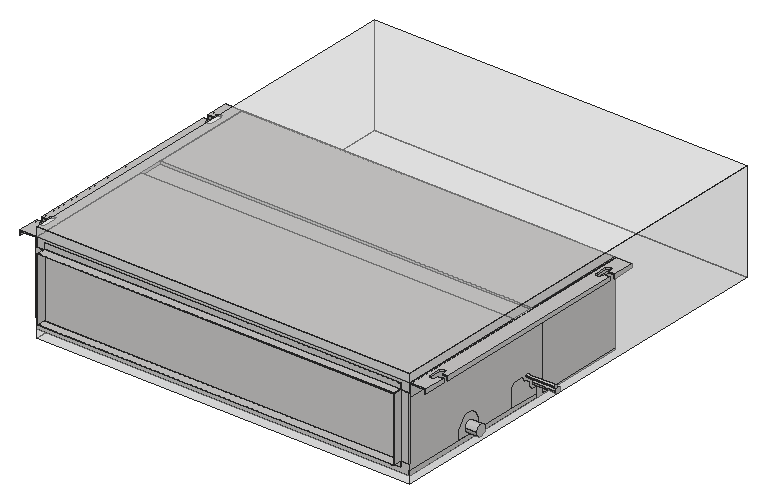
Revit family "outputfile", category 機械設備, Revit 2024
Family settings
  丸型コネクタ寸法 = 半径を使用
  パーツ タイプ = 標準
  OmniClass 番号 = 23.75.10.24.21.27.27
  OmniClass タイトル = Split System Air Conditioning Units
  作業面ベース = いいえ
  常に垂直 = はい
  ロード時にボイドで切り取り = いいえ
  注釈の向きを維持 = いいえ
  共有 = いいえ
  部屋計算ポイント = はい
Parameters (values of type "FDLF13DV2S")
  Description = ""
  書き出し IFC クラス(タイプ) = "IfcUnitaryEquipmentType"
  定義済み IFC タイプ(タイプ) = "AIRCONDITIONINGUNIT"
  Cost = 0
  Type Comments = ""
  Keynote = ""
  Type Image = (empty or 0)
  Assembly Code = ""
  switch_frequency = yes
  ld_powersupply = Depth / 2  # 310 mm
  connector_voltage = Voltage_50Hz  # 220 V
  connector_powerinput = [Power Input (Cooling)]  # 0.000 kW
  connector_phase = Phase_50Hz  # 1
  angle_liquidpipe [instance] = if(Right Connection_refrigerant, 90.00°, 270.00°)  # 90.00°
  angle_gaspipe [instance] = if(Right Connection_refrigerant, 90.00°, 270.00°)  # 90.00°
  angle_drainpipe [instance] = if(Right Connection_refrigerant, 90.00°, 270.00°)  # 90.00°
  URL = ""
  Right Connection_refrigerant [instance] = yes
  製造元 = "Daikin"
  モデル = "FDLF13DV2S"
  r_Liquid Pipe Size = Liquid Pipe Size / 2  # 3.2 mm
  r_Gas Pipe Size = Gas Pipe Size / 2  # 6.35 mm
  r_Drain Pipe Size = Drain Pipe Size / 2  # 12.5 mm
  lw_powersupply = 50 mm  # constant formula
  lw_ductflange2 = 803 mm
  lw_Width = 860 mm
  lh_suctionflange [instance] = 100 mm  # constant formula
  ld_suctionflange [instance] = if(Rear Connection_Return Air, 190.25 mm, 100.25 mm)  # 190.25 mm
  angle_vertical_RA [instance] = if(Rear Connection_Return Air, 90.00°, 0.00°)  # 90.00°
  angle horizontal_RA [instance] = if(Rear Connection_Return Air, 180.00°, 270.00°)  # 180.00°
  Voltage_comment_50Hz = "220 - 240"
  Voltage_50Hz = 220 V
  Supply Air Direction [instance] = yes
  Sound Power Level_H speed (dB) = 0
  Rear Connection_Return Air [instance] = not(Bottom Connection_Return Air)  # yes
  RA_length [instance] = if(Rear Connection_Return Air, 190.25 mm, 100 mm)  # 190.25 mm
  Phase_50Hz = 1
  Minimum External Static Pressure = 15.00 Pa
  Minimum Circuit Amps_50Hz = 0.0 A
  Maximum Fuse Amps_50Hz = 0.0 A
  Maximum External Static Pressure = 38.00 Pa
  Material_Casing = DAIKIN_GalvanizedSteel_Casing_indoorunit
  lw_liquidpipe = 521 mm
  lw_gaspipe = 508 mm
  lw_mountinghole = 940 mm
  lw_drainpipe = 480 mm
  lh_powersupply = 150 mm  # constant formula
  lh_liquidpipe = 138 mm  # constant formula
  lh_gaspipe = 160 mm  # constant formula
  lh_mountinghole = Height  # 200 mm
  lh_drainpipe = 170 mm  # constant formula
  lh_antena = 1 mm  # constant formula
  ld_liquidpipe = 353 mm  # constant formula
  ld_gaspipe = 375 mm  # constant formula
  ld_mountinghole = 500 mm  # constant formula
  ld_drainpipe = 178 mm  # constant formula
  ld_controlbox = 626 mm  # constant formula
  h*** = 0 mm  # constant formula
  d_dischargeflange = 21.2 mm  # constant formula
  Width = 900 mm
  Version = "ver.1.0"
  Unit Type = "L.S.P. Duct for Living Room"
  Unit Mass Weight = 28.00 kg
  Unit Designation [instance] = ""
  Uniclass2015Version = "Products v1.30"
  Uniclass2015Title = "Split coil room air conditioning units"
  Uniclass2015Code = "Pr_70_65_03_86"
  Total Cooling Capacity [instance] = 0.000 kW
  Sound Pressure Level_M speed (dBA) = 33
  Sound Pressure Level_L speed (dBA) = 30
  Sound Pressure Level_H speed (dBA) = 37
  Series = "SkyAir_Fan Coil Unit"
  Sensible Cooling Capacity [instance] = 0.000 kW
  SA Duct Size Width = 860 mm
  SA Duct Size Height = 153 mm
  Refrigerant Type = "R32"
  RA Duct Size Width = 761 mm
  RA Duct Size Height = 160 mm
  Power Input (Cooling) = 0.000 kW
  Option Accessory 3 [instance] = ""
  Option Accessory 2 [instance] = ""
  Option Accessory 1 [instance] = ""
  Nominal Cooling Capacity = 3.800 kW
  Minimum Airflow = 720.00 m³/h
  Median Airflow = 840.00 m³/h
  Maximum Airflow = 960.00 m³/h
  Load Classification = HVAC
  Liquid Pipe Size = 6.4 mm
  Link_Nested Family [instance] = ""
  Left Connection_refrigerant [instance] = not(Right Connection_refrigerant)  # no
  IfcVersion = ""
  IfcExportType = "AIRCONDITIONINGUNIT"
  IfcExportAs = "IfcUnitaryEquipmentType"
  Height = 200 mm
  Heat Exchanger Type = "Cross Fin Coil"
  Gas Pipe Size = 12.7 mm
  Frequency_50Hz = 50 Hz
  Fan Type = "Sirocco Fan"
  Fan Drive = "Direct Drive"
  FCU Tag No. [instance] = ""
  Drain Pipe Size = 25.0 mm
  Design Supply Airflow [instance] = 0.00 m³/h
  Design Return Airflow [instance] = 0.00 m³/h
  Design External Static Pressure [instance] = 0.00 Pa
  Depth = 620 mm
  既定の高さ = 0 mm
  Cooling Entering Wet Bulb Temperature [instance] = 0.00 °C
  Cooling Entering Dry Bulb Temperature [instance] = 0.00 °C
  Cooling Ambient Wet Bulb Temperature [instance] = 0.00 °C
  Cooling Ambient Dry Bulb Temperature [instance] = 0.00 °C
  Clearance visibility [instance] = yes
  Clearance Top = 20 mm
  Clearance Right = 0 mm
  Clearance Rear = 400 mm
  Clearance Left = 0 mm
  Clearance Front = 0 mm
  Clearance Bottom = 20 mm
  Bottom Connection_Return Air [instance] = no
Reference planes
  plane 1 "Center (Front/Back)": y = 0
  plane 2: z = 0
  plane 3 "Center (Left/Right)": x = 0
  plane 4 "Back": y = 310
  plane 5 "Front": y = -310
  plane 6 "Left": x = -450
  plane 7 "Right": x = 450
  plane 8 "Top": z = 0
  plane 9 "Bottom": z = -200
  plane 10: x = -470
  plane 11: x = 470
  plane 12: y = 250
  plane 13: z = 0
  plane 14 "Clearance Left": x = -450
  plane 15 "Clearance Right": x = 450
  plane 16 "Clearance Rear": y = 710
  plane 17 "Clearance Front": y = -310
  plane 18 "Clearance Top": z = 20
  plane 19 "Clearance Bottom": z = -220
  plane 20: y = -250
  plane 21: z = -21
  plane 22: z = -97.5
  plane 23: x = -48.5
  plane 24: y = 119.75
  plane 25: z = -100
  plane 26: y = 65
  plane 27: z = -160
  plane 28: y = 43
  plane 29: z = -138
  plane 30: y = -132
  plane 31: z = -170
  plane 32: x = 508
  plane 33: x = 521
  plane 34: x = 480
  plane 35: x = 400
  plane 36: z = -150
  plane 37: x = -480
  plane 38: x = -521
  plane 39: x = -508
Forms (mm)
  Extrusion 1, solid, material "DAIKIN_GalvanizedSteel_Casing_indoorunit" <- "Material_Casing"
    sketch origin (0, 0, 0) x (1, 0, 0) y (0, 1, 0)
      loop
        line (-450, -310) -> (450, -310) -> (450, 310) -> (-450, 310) -> (-450, -310)
    from -200 to 0
  Extrusion 2, void
    sketch origin (0, 0, 1) x (1, 0, 0) y (0, 1, 0)
      loop
        line (-450, 61.5) -> (-450, 3.5) -> (450, 3.5) -> (450, 61.5) -> (-450, 61.5)
    from -1 to -7
  Extrusion 3, solid, material "DAIKIN_GalvanizedSteel_Casing_indoorunit" <- "Material_Casing", visible <- "Bottom Connection_Return Air"
    sketch origin (0, 0, 0) x (1, 0, 0) y (0, 0, 1)
      loop
        line (352, -199.25) -> (352, -0.75) -> (-449, -0.75) -> (-449, -199.25) -> (352, -199.25)
    from -310 to -309
  Extrusion 4, solid, material "DAIKIN_GalvanizedSteel_Casing_indoorunit" <- "Material_Casing", visible <- "Rear Connection_Return Air"
    sketch origin (0, 0, 0) x (1, 0, 0) y (0, 1, 0)
      loop
        line (-449, 309) -> (-449, 110.5) -> (352, 110.5) -> (352, 309) -> (-449, 309)
    from -200 to -199
  Extrusion 5, solid, material "DAIKIN_GalvanizedSteel_Casing_indoorunit" <- "Material_Casing", visible <- "Right Connection_refrigerant"
    sketch origin (450, 0, 0) x (0, 1, 0) y (0, 0, 1)
      loop
        circle (65, -160) r 6.35
    from 0 to 58
  Extrusion 6, solid, material "DAIKIN_GalvanizedSteel_Casing_indoorunit" <- "Material_Casing", visible <- "Right Connection_refrigerant"
    sketch origin (450, 0, 0) x (0, 1, 0) y (0, 0, 1)
      loop
        circle (43, -138) r 3.2
    from 0 to 71
  Extrusion 7, solid, material "DAIKIN_GalvanizedSteel_Casing_indoorunit" <- "Material_Casing", visible <- "Right Connection_refrigerant"
    sketch origin (450, 0, 0) x (0, 1, 0) y (0, 0, 1)
      loop
        line (-310, -200) -> (70, -200) -> (70, -190) -> (-310, -190) -> (-310, -200)
    from 0 to -1
  Extrusion 8, solid, material "DAIKIN_GalvanizedSteel_Casing_indoorunit" <- "Material_Casing", visible <- "Right Connection_refrigerant"
    sketch origin (450, 0, 0) x (0, 1, 0) y (0, 0, 1)
      loop
        arc (96, -27.5) -> (93.879, -28.379) -> (93, -30.5) r 3
        line (93, -30.5) -> (93, -194.5)
        arc (93, -194.5) -> (93.879, -196.621) -> (96, -197.5) r 3
        line (96, -197.5) -> (310, -197.5) -> (310, -27.5) -> (96, -27.5)
    from 0 to -1
  Extrusion 9, solid, material "DAIKIN_GalvanizedSteel_Casing_indoorunit" <- "Material_Casing", visible <- "Right Connection_refrigerant"
    sketch origin (450, 0, 0) x (0, 1, 0) y (0, 0, 1)
      loop
        arc (-104, -170) -> (-132, -142) -> (-160, -170) r 28
        line (-160, -170) -> (-160, -190) -> (-104, -190) -> (-104, -170)
    from 0 to -1
  Extrusion 10, solid, material "DAIKIN_GalvanizedSteel_Casing_indoorunit" <- "Material_Casing", visible <- "Right Connection_refrigerant"
    sketch origin (450, 0, 0) x (0, 1, 0) y (0, 0, 1)
      loop
        line (70, -190) -> (70, -174.671)
        arc (70, -174.671) -> (54.678, -171.563) -> (49.857, -156.691) r 15.5
        line (49.857, -156.691) -> (43.472, -150.991)
        arc (43.472, -150.991) -> (34.343, -147.698) -> (30.039, -139) r 13
        line (30.039, -139) -> (2, -139)
        arc (2, -139) -> (-0.121, -139.879) -> (-1, -142) r 3
        line (-1, -142) -> (-1, -190) -> (70, -190)
    from 0 to -1
  Extrusion 11, solid, material "DAIKIN_GalvanizedSteel_Casing_indoorunit" <- "Material_Casing", visible <- "Left Connection_refrigerant"
    sketch origin (-450, 0, 0) x (0, 1, 0) y (0, 0, 1)
      loop
        line (-310, -200) -> (70, -200) -> (70, -190) -> (-310, -190) -> (-310, -200)
    from 0 to -1
  Extrusion 12, solid, material "DAIKIN_GalvanizedSteel_Casing_indoorunit" <- "Material_Casing", visible <- "Left Connection_refrigerant"
    sketch origin (-450, 0, 0) x (0, 1, 0) y (0, 0, 1)
      loop
        arc (96, -27.5) -> (93.879, -28.379) -> (93, -30.5) r 3
        line (93, -30.5) -> (93, -194.5)
        arc (93, -194.5) -> (93.879, -196.621) -> (96, -197.5) r 3
        line (96, -197.5) -> (310, -197.5) -> (310, -27.5) -> (96, -27.5)
    from 0 to -1
  Extrusion 13, solid, material "DAIKIN_GalvanizedSteel_Casing_indoorunit" <- "Material_Casing", visible <- "Left Connection_refrigerant"
    sketch origin (-450, 0, 0) x (0, 1, 0) y (0, 0, 1)
      loop
        arc (-104, -170) -> (-132, -142) -> (-160, -170) r 28
        line (-160, -170) -> (-160, -190) -> (-104, -190) -> (-104, -170)
    from 0 to -1
  Extrusion 14, solid, material "DAIKIN_GalvanizedSteel_Casing_indoorunit" <- "Material_Casing", visible <- "Left Connection_refrigerant"
    sketch origin (-450, 0, 0) x (0, 1, 0) y (0, 0, 1)
      loop
        line (70, -190) -> (70, -174.671)
        arc (70, -174.671) -> (54.678, -171.563) -> (49.857, -156.691) r 15.5
        line (49.857, -156.691) -> (43.472, -150.991)
        arc (43.472, -150.991) -> (34.343, -147.698) -> (30.039, -139) r 13
        line (30.039, -139) -> (2, -139)
        arc (2, -139) -> (-0.121, -139.879) -> (-1, -142) r 3
        line (-1, -142) -> (-1, -190) -> (70, -190)
    from 0 to -1
  Extrusion 15, solid, material "DAIKIN_GalvanizedSteel_Casing_indoorunit" <- "Material_Casing", visible <- "Left Connection_refrigerant"
    sketch origin (-450, 0, 0) x (0, 1, 0) y (0, 0, 1)
      loop
        circle (43, -138) r 3.2
    from -71 to 0
  Extrusion 16, solid, material "DAIKIN_GalvanizedSteel_Casing_indoorunit" <- "Material_Casing", visible <- "Left Connection_refrigerant"
    sketch origin (-450, 0, 0) x (0, 1, 0) y (0, 0, 1)
      loop
        circle (65, -160) r 6.35
    from -58 to 0
  Extrusion 17, solid, material "DAIKIN_GalvanizedSteel_Casing_indoorunit" <- "Material_Casing", visible <- "Left Connection_refrigerant"
    sketch origin (-450, 0, 0) x (0, 1, 0) y (0, 0, 1)
      loop
        circle (-132, -170) r 12.5
    from -30 to 0
  Extrusion 18, solid, material "DAIKIN_GalvanizedSteel_Casing_indoorunit" <- "Material_Casing", visible <- "Right Connection_refrigerant"
    sketch origin (450, 0, 0) x (0, 1, 0) y (0, 0, 1)
      loop
        circle (-132, -170) r 12.5
    from 0 to 30
Cuts and joins
  Extrusion 2 cuts Extrusion 1
Dimensions and locks
  "Height": plane 8 "Top" to plane 9 "Bottom"
  equal spacing: plane 10, plane 3 "Center (Left/Right)", plane 11
  "lw_mountinghole": plane 10 to plane 11
  equal spacing: plane 6 "Left", plane 3 "Center (Left/Right)", plane 7 "Right"
  "Width": plane 6 "Left" to plane 7 "Right"
  "Clearance Right": plane 7 "Right" to plane 15 "Clearance Right"
  "Clearance Left": plane 14 "Clearance Left" to plane 6 "Left"
  "Clearance Rear": plane 16 "Clearance Rear" to plane 4 "Back"
  "Clearance Front": plane 5 "Front" to plane 17 "Clearance Front"
  "Clearance Top": plane 18 "Clearance Top" to plane 8 "Top"
  "Clearance Bottom": plane 9 "Bottom" to plane 19 "Clearance Bottom"
  "Depth": plane 4 "Back" to plane 5 "Front"
  equal spacing: plane 4 "Back", plane 1 "Center (Front/Back)", plane 5 "Front"
  Extrusion 3 sketch curve to Extrusion 3 sketch curve = 198.5 mm
  locked: plane 20 to plane 5 "Front" at 60
  "ld_mountinghole": plane 12 to plane 20
  locked: plane 8 "Top" to plane 21 at 21
  locked: plane 23 to plane 3 "Center (Left/Right)" at 48.5
  "ld_suctionflange": plane 4 "Back" to plane 24
  "lh_suctionflange": plane 8 "Top" to plane 25
  "ld_gaspipe": plane 26 to plane 5 "Front"
  "lh_gaspipe": plane 8 "Top" to plane 27
  "ld_liquidpipe": plane 28 to plane 5 "Front"
  "lh_liquidpipe": plane 8 "Top" to plane 29
  "ld_drainpipe": plane 30 to plane 5 "Front"
  "lh_drainpipe": plane 8 "Top" to plane 31
  "lw_powersupply": plane 35 to plane 7 "Right"
  "lh_powersupply": plane 8 "Top" to plane 36
  "lw_gaspipe": plane 3 "Center (Left/Right)" to plane 32
  "lw_liquidpipe": plane 3 "Center (Left/Right)" to plane 33
  "lw_drainpipe": plane 3 "Center (Left/Right)" to plane 34
  "lw_liquidpipe": plane 38 to plane 3 "Center (Left/Right)"
  "lw_gaspipe": plane 39 to plane 3 "Center (Left/Right)"
  "lw_drainpipe": plane 37 to plane 3 "Center (Left/Right)"
  "r_Gas Pipe Size": radius of Extrusion 5 sketch curve
  "r_Liquid Pipe Size": radius of Extrusion 6 sketch curve
  "r_Liquid Pipe Size": radius of Extrusion 15 sketch curve
  "r_Gas Pipe Size": radius of Extrusion 16 sketch curve
  "r_Drain Pipe Size": radius of Extrusion 17 sketch curve
  "r_Drain Pipe Size": radius of Extrusion 18 sketch curve
  aligned and locked: level to plane 2
  aligned and locked: Extrusion 1 to plane 9 "Bottom"
  aligned and locked: plane 8 "Top" to Extrusion 1
  aligned and locked: plane 11 to nested 2
  aligned and locked: plane 10 to nested 3
  aligned and locked: plane 10 to nested 4
  aligned and locked: plane 8 "Top" to Extrusion 2
  aligned and locked: plane 9 "Bottom" to Extrusion 4  (x2)
  aligned and locked: plane 7 "Right" to cut or joined group of Extrusion 1, Extrusion 2  (x2)
  aligned and locked: plane 3 "Center (Left/Right)" to nested 9
  aligned and locked: plane 6 "Left" to nested 7
  aligned and locked: plane 8 "Top" to nested 9
  aligned and locked: plane 11 to nested 1
  aligned and locked: nested 6 to plane 1 "Center (Front/Back)"
  aligned and locked: plane 3 "Center (Left/Right)" to nested 6
  aligned and locked: level to plane 8 "Top"
  aligned and locked: plane 1 "Center (Front/Back)" to nested 9
  aligned and locked: plane 5 "Front" to nested 10
  aligned and locked: Extrusion 1 sketch curve to plane 5 "Front"
  aligned and locked: plane 21 to nested 10
  aligned and locked: nested 5 to plane 5 "Front"
  aligned and locked: plane 3 "Center (Left/Right)" to nested 5
  aligned and locked: plane 22 to nested 5
  aligned and locked: Extrusion 2 sketch curve to plane 6 "Left"
  aligned and locked: plane 7 "Right" to Extrusion 2 sketch curve
  aligned and locked: nested 11 to plane 23
  aligned and locked: nested 11 to plane 24
  aligned and locked: plane 27 to Extrusion 5 sketch curve
  aligned and locked: plane 26 to Extrusion 5 sketch curve
  aligned and locked: plane 28 to Extrusion 6 sketch curve
  aligned and locked: plane 29 to Extrusion 6 sketch curve
  aligned and locked: plane 32 to Extrusion 5
  aligned and locked: plane 33 to Extrusion 6
  aligned and locked: Extrusion 7 sketch curve to plane 9 "Bottom"
  aligned and locked: Extrusion 7 sketch curve to plane 5 "Front"
  aligned and locked: plane 14 "Clearance Left" to nested 12
  aligned and locked: plane 15 "Clearance Right" to nested 12
  aligned and locked: plane 16 "Clearance Rear" to nested 12
  aligned and locked: nested 12 to plane 17 "Clearance Front"
  aligned and locked: nested 12 to plane 18 "Clearance Top"
  aligned and locked: nested 12 to plane 19 "Clearance Bottom"
  aligned and locked: nested 13 to plane 35
  aligned and locked: nested 13 to plane 36
  aligned and locked: plane 4 "Back" to nested 13
  aligned and locked: nested 14 to plane 26
  aligned and locked: plane 3 "Center (Left/Right)" to nested 14
  aligned and locked: nested 14 to plane 27
  aligned and locked: nested 15 to plane 28
  aligned and locked: plane 3 "Center (Left/Right)" to nested 15
  aligned and locked: nested 15 to plane 29
  aligned and locked: nested 16 to plane 30
  aligned and locked: plane 3 "Center (Left/Right)" to nested 16
  aligned and locked: nested 16 to plane 31
  aligned and locked: plane 29 to Extrusion 15 sketch curve
  aligned and locked: plane 28 to Extrusion 15 sketch curve
  aligned and locked: Extrusion 15 to plane 38
  aligned and locked: plane 6 "Left" to Extrusion 15
  aligned and locked: plane 26 to Extrusion 16 sketch curve
  aligned and locked: plane 27 to Extrusion 16 sketch curve
  aligned and locked: Extrusion 16 to plane 39
  aligned and locked: plane 6 "Left" to Extrusion 16
  aligned and locked: plane 30 to Extrusion 17 sketch curve
  aligned and locked: Extrusion 17 to plane 37
  aligned and locked: plane 6 "Left" to Extrusion 17
  aligned and locked: Extrusion 5 to plane 7 "Right"
  aligned and locked: Extrusion 6 to plane 7 "Right"
  aligned and locked: plane 30 to Extrusion 18 sketch curve
  aligned and locked: plane 31 to Extrusion 18 sketch curve
  aligned and locked: plane 34 to Extrusion 18
  aligned and locked: Extrusion 18 to plane 7 "Right"
Automatic sketch dimensions
  Extrusion 1 sketch curve to plane 4 "Back" = 0 mm
  Extrusion 1 sketch curve to plane 6 "Left" = 0 mm
  Extrusion 1 sketch curve to plane 7 "Right" = 0 mm
  Extrusion 2 sketch curve to plane 1 "Center (Front/Back)" = 3.5 mm
  Extrusion 2 sketch curve to plane 26 = 3.5 mm
  plane 9 "Bottom" to Extrusion 3 sketch curve = 0.75 mm
  plane 6 "Left" to Extrusion 3 sketch curve = 1 mm
  Extrusion 3 sketch curve to plane 35 = 48 mm
  Extrusion 4 sketch curve to plane 4 "Back" = 1 mm
  plane 6 "Left" to Extrusion 4 sketch curve = 1 mm
  Extrusion 4 sketch curve to plane 35 = 48 mm
  Extrusion 4 sketch curve to plane 24 = 9.25 mm
  plane 26 to Extrusion 7 sketch curve = 5 mm
  Extrusion 7 sketch curve to Extrusion 7 sketch curve = 10 mm
  Extrusion 8 sketch curve to plane 21 = 9.5 mm
  Extrusion 8 sketch curve to plane 24 = 23.75 mm  (x2)
  plane 9 "Bottom" to Extrusion 8 sketch curve = 5.5 mm
  Extrusion 8 sketch curve to Extrusion 8 sketch curve = 3 mm
  Extrusion 9 sketch curve to plane 31 = 0 mm
  Extrusion 9 sketch curve to plane 30 = 0 mm
  plane 9 "Bottom" to Extrusion 9 sketch curve = 10 mm
  Extrusion 9 sketch curve to plane 30 = 28 mm
  Extrusion 10 sketch curve to plane 28 = 0 mm
  Extrusion 10 sketch curve to plane 26 = 0 mm
  Extrusion 10 sketch curve to plane 27 = 0 mm
  Extrusion 10 sketch curve to plane 29 = 0 mm
  Extrusion 10 sketch curve to plane 29 = 1 mm
  Extrusion 10 sketch curve to plane 28 = 12.961 mm
  Extrusion 10 sketch curve to plane 1 "Center (Front/Back)" = 2 mm
  plane 1 "Center (Front/Back)" to Extrusion 10 sketch curve = 1 mm
  plane 28 to Extrusion 10 sketch curve = 0.472 mm
  plane 27 to Extrusion 10 sketch curve = 3.309 mm
  plane 28 to Extrusion 10 sketch curve = 6.857 mm
  plane 26 to Extrusion 10 sketch curve = 5 mm
  plane 9 "Bottom" to Extrusion 10 sketch curve = 10 mm
  Extrusion 8 sketch curve to plane 4 "Back" = 0 mm
  Extrusion 17 sketch curve to plane 31 = 0 mm
  Extrusion 12 sketch curve to plane 4 "Back" = 0 mm
  plane 9 "Bottom" to Extrusion 12 sketch curve = 5.5 mm
  Extrusion 12 sketch curve to plane 24 = 23.75 mm  (x2)
  Extrusion 12 sketch curve to plane 21 = 6.5 mm
  Extrusion 12 sketch curve to Extrusion 12 sketch curve = 3 mm
  Extrusion 14 sketch curve to plane 28 = 0 mm
  Extrusion 14 sketch curve to plane 26 = 0 mm
  Extrusion 14 sketch curve to plane 27 = 0 mm
  Extrusion 14 sketch curve to plane 29 = 0 mm
  Extrusion 14 sketch curve to plane 29 = 1 mm
  Extrusion 14 sketch curve to plane 28 = 12.961 mm
  Extrusion 14 sketch curve to plane 1 "Center (Front/Back)" = 2 mm
  plane 1 "Center (Front/Back)" to Extrusion 14 sketch curve = 1 mm
  plane 28 to Extrusion 14 sketch curve = 0.472 mm
  plane 27 to Extrusion 14 sketch curve = 3.309 mm
  plane 28 to Extrusion 14 sketch curve = 6.857 mm
  plane 26 to Extrusion 14 sketch curve = 5 mm
  plane 9 "Bottom" to Extrusion 14 sketch curve = 10 mm
  Extrusion 11 sketch curve to plane 5 "Front" = 0 mm
  Extrusion 11 sketch curve to plane 9 "Bottom" = 0 mm
  plane 26 to Extrusion 11 sketch curve = 5 mm
  Extrusion 11 sketch curve to Extrusion 11 sketch curve = 10 mm
  Extrusion 13 sketch curve to plane 31 = 0 mm
  Extrusion 13 sketch curve to plane 30 = 0 mm
  plane 9 "Bottom" to Extrusion 13 sketch curve = 10 mm
  Extrusion 13 sketch curve to plane 30 = 28 mm
Nested families
  nested 1: "daikin_mountinghole" at (470, 250, -200), l_antenna <- "lh_antena", Link_Nested Family <- "Link_Nested Family", h_mountinghole <- "lh_mountinghole", type "daikin_mountinghole"
    with show yes, l_antenna 1 mm, h_mountinghole 200 mm, Link_Nested Family ""
  nested 2: "daikin_mountinghole" at (470, -250, -200), Link_Nested Family <- "Link_Nested Family", l_antenna <- "lh_antena", h_mountinghole <- "lh_mountinghole", type "daikin_mountinghole"
    with show yes, l_antenna 1 mm, h_mountinghole 200 mm, Link_Nested Family ""
  nested 3: "daikin_mountinghole" at (-470, -250, -200), l_antenna <- "lh_antena", Link_Nested Family <- "Link_Nested Family", h_mountinghole <- "lh_mountinghole", type "daikin_mountinghole"
    with show yes, l_antenna 1 mm, h_mountinghole 200 mm, Link_Nested Family ""
  nested 4: "daikin_mountinghole" at (-470, 250, -200), l_antenna <- "lh_antena", Link_Nested Family <- "Link_Nested Family", h_mountinghole <- "lh_mountinghole", type "daikin_mountinghole"
    with show yes, l_antenna 1 mm, h_mountinghole 200 mm, Link_Nested Family ""
  nested 5: "daikin_connector_rotate2" at (0, -310, -97.5), length <- "d_dischargeflange", type "daikin_connector_rotate2"
    with radius 10 mm, length 21.2 mm, angle_vertical 90.00°, show_face no
  nested 6: "daikin_△_symbolicline" at (-75, -129.904, 200) x (-0.5, 0.866, 0) z (0, 0, 1), built-in parameter 1001364 <- "Height", visible <- "Supply Air Direction", type "daikin_△_symbolicline"
    with length 300 mm
  nested 7: "daikin_ductflange_FDLF-DV2S_1" at (-48.5, 310, -100), visible <- "Rear Connection_Return Air", material <- "Material_Casing", width <- "lw_ductflange2", type "daikin_ductflange_FDLF-DV2S_1"
    with width 803 mm, material DAIKIN_GalvanizedSteel_Casing_indoorunit, height 180 mm, depth 21.2 mm
  nested 8: "daikin_ductflange_FDLF-DV2S_1" at (-48.5, 209.75, -200) x (1, 0, 0) z (0, 1, 0), visible <- "Bottom Connection_Return Air", material <- "Material_Casing", width <- "lw_ductflange2", type "daikin_ductflange_FDLF-DV2S_1"
    with width 803 mm, material DAIKIN_GalvanizedSteel_Casing_indoorunit, height 180 mm, depth 21.2 mm
  nested 9: "daikin_hangerfixture_FDLF-DV2S" at (0, 0, 0), type "daikin_hangerfixture_FDLF-DV2S"
  nested 10: "daikin_ductflange_FDLF-DV2S" at (0, 3.5, -364.201), width <- "lw_Width", material <- "Material_Casing", type "daikin_ductflange_FDLF-DV2S"
    with width 860 mm, material DAIKIN_GalvanizedSteel_Casing_indoorunit, height 155 mm, depth 21.2 mm
  nested 11: "daikin_connector_rotate3" at (-48.5, 119.75, -100), length <- "RA_length", angle_vertical <- "angle_vertical_RA", angle_horizontal <- "angle horizontal_RA", type "daikin_connector_rotate3"
    with show no, radius 10 mm, length 190.25 mm, angle_vertical 90.00°, angle_horizontal 180.00°
  nested 12: "daikin_clearancespace" at (0, 200, -99.881), visible <- "Clearance visibility", Link_Nested Family <- "Link_Nested Family", show <- "Clearance visibility", type "daikin_clearancespace"
    with width 900 mm, show yes, height 240 mm, depth 1020 mm, Link_Nested Family ""
  nested 13: "daikin_connector_rotate2" at (400, 0, -150) x (-1, 0, 0) z (0, 0, 1), length <- "ld_powersupply", type "daikin_connector_rotate2"
    with radius 10 mm, length 310 mm, angle_vertical 90.00°, show_face no
  nested 14: "daikin_connector_rotate3" at (0, 65, -160), angle_vertical <- "angle_gaspipe", radius <- "r_Gas Pipe Size", length <- "lw_gaspipe", type "daikin_connector_rotate3"
    with show no, radius 6.35 mm, length 508 mm, angle_vertical 90.00°, angle_horizontal 90.00°
  nested 15: "daikin_connector_rotate3" at (0, 43, -138), angle_vertical <- "angle_liquidpipe", length <- "lw_liquidpipe", radius <- "r_Liquid Pipe Size", type "daikin_connector_rotate3"
    with show no, radius 3.2 mm, length 521 mm, angle_vertical 90.00°, angle_horizontal 90.00°
  nested 16: "daikin_connector_rotate3" at (0, -132, -170), angle_vertical <- "angle_drainpipe", length <- "lw_drainpipe", radius <- "r_Drain Pipe Size", type "daikin_connector_rotate3"
    with show no, radius 12.5 mm, length 480 mm, angle_vertical 90.00°, angle_horizontal 90.00°
Connectors
  hvac at (0, -331.2, -97.5), driven by "SA Duct Size Height", driven by "SA Duct Size Width"
    settings: on nested 5, index 1, duct flow 0.00 m³/h, flow factor 0, pres drop 0.00 Pa, loss coef 0, conn angle 0.00°, conn width 860.0 mm, conn height 153.0 mm, conn diameter 609.6 mm, duct sys type 1, conn prof type 1, flow config 0, flow direction 2, loss method 4, conn ref index -1, conn util no, is conn primary yes, conn desc "SA Duct"
  hvac at (-48.5, 310, -100), driven by "RA Duct Size Height", driven by "RA Duct Size Width"
    settings: on nested 11, index 2, duct flow 0.00 m³/h, flow factor 0, pres drop 0.00 Pa, loss coef 0, conn angle 0.00°, conn width 761.0 mm, conn height 160.0 mm, conn diameter 609.6 mm, duct sys type 2, conn prof type 1, flow config 0, flow direction 1, loss method 4, conn ref index -1, conn util no, is conn primary no, conn desc "RA Duct"
  electrical at (400, 310, -150), driven by "Load Classification", driven by "connector_powerinput", driven by "connector_phase", driven by "connector_voltage"
    settings: on nested 13, index 6, voltage 220 V, apparent load 0 VA, apparent load phase1 0 VA, apparent load phase2 0 VA, apparent load phase3 0 VA, power factor 1, load classification "HVAC", number of poles 1, system type 30, power factor state 1, is connector primary yes, connector utility no, sub classification motor no, connector description "Power Supply"
  piping at (508, 65, -160), diameter 12.7, driven by "r_Gas Pipe Size"
    settings: on nested 14, index 7, connector inside diameter 609.6 mm, connector length 0 mm, flow factor 0, pipe flow 0.00 m³/h, pressure drop 0.0 Pa, fitting loss kfactor 0, connector angle 0.00°, fixture units 0, engagement length 0 mm, angle of deflection 0.00°, flow configuration 1, flow direction 2, fitting loss method 0, system type 29, joint type 0, gender type 0, connector reference index -1, connector utility 0, adjustable connector no, is connector primary yes, connector description "Refrigerant Gas Piping"
  piping at (521, 43, -138), diameter 6.4, driven by "r_Liquid Pipe Size"
    settings: on nested 15, index 8, connector inside diameter 609.6 mm, connector length 0 mm, flow factor 0, pipe flow 0.00 m³/h, pressure drop 0.0 Pa, fitting loss kfactor 0, connector angle 0.00°, fixture units 0, engagement length 0 mm, angle of deflection 0.00°, flow configuration 1, flow direction 1, fitting loss method 0, system type 29, joint type 0, gender type 0, connector reference index -1, connector utility 0, adjustable connector no, is connector primary no, connector description "Refrigerant Liquid Piping"
  piping at (480, -132, -170), diameter 25, driven by "r_Drain Pipe Size"
    settings: on nested 16, index 9, connector inside diameter 609.6 mm, connector length 0 mm, flow factor 0, pipe flow 0.00 m³/h, pressure drop 0.0 Pa, fitting loss kfactor 0, connector angle 0.00°, fixture units 0, engagement length 0 mm, angle of deflection 0.00°, flow configuration 1, flow direction 2, fitting loss method 4, system type 16, joint type 0, gender type 0, connector reference index -1, connector utility 0, adjustable connector no, is connector primary no, connector description "Condensate Drain Piping"
Definition of nested family "daikin_ductflange_FDLF-DV2S_1"
  Parameters (values of type "daikin_ductflange_FDLF-DV2S_1")
    width [instance] = 620 mm
    material [instance] = none
    height [instance] = 180 mm
    depth [instance] = 21.2 mm
    Default Elevation = 0 mm
  Reference planes
    plane 1 "Center (Front/Back)": y = 0
    plane 2: z = 0
    plane 3 "Center (Left/Right)": x = 0
    plane 4: x = -310
    plane 5: x = 310
    plane 6: z = 90
    plane 7: z = -90
    plane 8: z = 100.25
    plane 9: z = -100.25
    plane 10: x = -309
    plane 11: x = 309
  Forms (mm)
    Extrusion 1, solid, material <- "material"
      sketch origin (0, 0, 0) x (1, 0, 0) y (0, 0, 1)
        loop
          line (-289, 80) -> (-289, -80) -> (289, -80) -> (289, 80) -> (-289, 80)
        loop
          line (-309, -99.25) -> (309, -99.25) -> (309, 99.25) -> (-309, 99.25) -> (-309, -99.25)
      from 0 to 1
  Dimensions and locks
    equal spacing: plane 5, plane 3 "Center (Left/Right)", plane 4, locked at 310 each
    "width": plane 5 to plane 4
    plane 10 to plane 4 = 1 mm
    locked: plane 5 to plane 11 at 1
    locked: Extrusion 1 sketch curve to Extrusion 1 sketch curve at 20  (x2)
    plane 8 to Extrusion 1 sketch curve = 1 mm
    locked: Extrusion 1 sketch curve to plane 9 at 1
    aligned and locked: level to plane 2
  Automatic sketch dimensions
    plane 4 to Extrusion 1 sketch curve = 1 mm
    Extrusion 1 sketch curve to plane 5 = 1 mm
    Extrusion 1 sketch curve to plane 6 = 10 mm
    plane 7 to Extrusion 1 sketch curve = 10 mm
Definition of nested family "daikin_hangerfixture_FDLF-DV2S"
  Parameters (values of type "daikin_hangerfixture_FDLF-DV1")
    width = 900 mm
    material = none
    height = 30 mm
    depth = 620 mm
    Default Elevation = 0 mm
  Reference planes
    plane 1 "Center (Front/Back)": y = 0
    plane 2: z = 0
    plane 3 "Center (Left/Right)": x = 0
    plane 4: x = 450
    plane 5: y = 310
    plane 6: y = -310
    plane 7: x = -450
    plane 8: z = -30
  Forms (mm)
    Extrusion 1, solid, material <- "material"
      sketch origin (0, 0, 0) x (1, 0, 0) y (0, 0, 1)
        loop
          line (450, 0) -> (450, -30) -> (452.3, -30) -> (452.3, -2.3) -> (487.7, -2.3) -> (487.7, -10) -> (490, -10) -> (490, 0) -> (450, 0)
      from -310 to 310
    Extrusion 2, void
      sketch origin (0, 0, 0) x (0, 1, 0) y (0, 0, 1)
        loop
          line (310, -30) -> (310, -17.979) -> (87.935, -17.979) -> (75.914, -30) -> (310, -30)
      from -786.78 to 600.701
    Extrusion 3, void
      sketch origin (0, 0, 0) x (1, 0, 0) y (0, 1, 0)
        loop
          line (490, -244.5) -> (477, -244.5) -> (477, -238)
          arc (477, -238) -> (470, -231) -> (463, -238) r 7
          line (463, -238) -> (463, -264)
          arc (463, -264) -> (470, -271) -> (477, -264) r 7
          line (477, -264) -> (477, -257.5) -> (490, -257.5) -> (490, -244.5)
        loop
          line (490, 244.5) -> (490, 257.5) -> (477, 257.5) -> (477, 264)
          arc (477, 264) -> (470, 271) -> (463, 264) r 7
          line (463, 264) -> (463, 238)
          arc (463, 238) -> (470, 231) -> (477, 238) r 7
          line (477, 238) -> (477, 244.5) -> (490, 244.5)
      from -254.96 to 618
    Extrusion 4, solid, material <- "material"
      sketch origin (0, 0, 0) x (-1, 0, 0) y (0, 0, -1)
        loop
          line (450, 0) -> (490, 0) -> (490, 10) -> (487.7, 10) -> (487.7, 2.3) -> (452.3, 2.3) -> (452.3, 30) -> (450, 30) -> (450, 0)
      from -310 to 310
    Extrusion 5, void
      sketch origin (0, 0, 0) x (-1, 0, 0) y (0, -1, 0)
        loop
          line (490, 244.5) -> (490, 257.5) -> (477, 257.5) -> (477, 264)
          arc (477, 264) -> (470, 271) -> (463, 264) r 7
          line (463, 264) -> (463, 238)
          arc (463, 238) -> (470, 231) -> (477, 238) r 7
          line (477, 238) -> (477, 244.5) -> (490, 244.5)
        loop
          line (490, -244.5) -> (477, -244.5) -> (477, -238)
          arc (477, -238) -> (470, -231) -> (463, -238) r 7
          line (463, -238) -> (463, -264)
          arc (463, -264) -> (470, -271) -> (477, -264) r 7
          line (477, -264) -> (477, -257.5) -> (490, -257.5) -> (490, -244.5)
      from -254.96 to 618
  Cuts and joins
    Extrusion 2, Extrusion 3, Extrusion 5 cuts Extrusion 1
    Extrusion 2, Extrusion 5 cuts Extrusion 4
  Dimensions and locks
    equal spacing: plane 5, plane 1 "Center (Front/Back)", plane 6
    "depth": plane 5 to plane 6
    plane 6 to plane 1 "Center (Front/Back)" to plane 5 = 310 mm, 310 mm
    equal spacing: plane 4, plane 3 "Center (Left/Right)", plane 7
    "width": plane 4 to plane 7
    "height": level to plane 8
    aligned and locked: level to plane 2
    aligned and locked: plane 5 to Extrusion 1
    aligned and locked: Extrusion 1 to plane 6
    aligned and locked: Extrusion 1 to plane 4
    aligned and locked: plane 5 to cut or joined group of Extrusion 1, Extrusion 2, Extrusion 3, Extrusion 5
    aligned and locked: cut or joined group of Extrusion 1, Extrusion 2, Extrusion 3, Extrusion 5 to plane 6
    aligned and locked: level to cut or joined group of Extrusion 1, Extrusion 2, Extrusion 3, Extrusion 5
    aligned and locked: cut or joined group of Extrusion 1, Extrusion 2, Extrusion 3, Extrusion 5 to plane 8
    aligned and locked: plane 5 to cut or joined group of Extrusion 2, Extrusion 4, Extrusion 5
    aligned and locked: cut or joined group of Extrusion 2, Extrusion 4, Extrusion 5 to plane 6
  Automatic sketch dimensions
    Extrusion 1 sketch curve to plane 4 = 0 mm
    Extrusion 1 sketch curve to plane 8 = 0 mm
    Extrusion 1 sketch curve to level = 0 mm
    plane 4 to Extrusion 1 sketch curve = 2.3 mm
    Extrusion 1 sketch curve to level = 2.3 mm
    Extrusion 1 sketch curve to Extrusion 1 sketch curve = 35.4 mm
    Extrusion 1 sketch curve to Extrusion 1 sketch curve = 2.3 mm
    Extrusion 1 sketch curve to Extrusion 1 sketch curve = 7.7 mm
    Extrusion 2 sketch curve to plane 8 = 0 mm
    Extrusion 2 sketch curve to plane 5 = 0 mm
    plane 8 to Extrusion 2 sketch curve = 12.021 mm
    Extrusion 2 sketch curve to plane 1 "Center (Front/Back)" = 87.935 mm
    Extrusion 2 sketch curve to Extrusion 2 sketch curve = 12.021 mm
    plane 4 to Extrusion 3 sketch curve = 13 mm  (x2)
    Extrusion 3 sketch curve to Extrusion 3 sketch curve = 7 mm  (x4)
    Extrusion 3 sketch curve to Extrusion 3 sketch curve = 13 mm  (x4)
    plane 6 to Extrusion 3 sketch curve = 46 mm
    Extrusion 3 sketch curve to Extrusion 3 sketch curve = 6.5 mm  (x4)
    Extrusion 3 sketch curve to plane 5 = 72 mm
    Extrusion 4 sketch curve to plane 7 = 0 mm
    Extrusion 4 sketch curve to plane 8 = 0 mm
    Extrusion 4 sketch curve to level = 0 mm
    Extrusion 4 sketch curve to plane 7 = 2.3 mm
    Extrusion 4 sketch curve to level = 2.3 mm
    Extrusion 4 sketch curve to Extrusion 4 sketch curve = 35.4 mm
    Extrusion 4 sketch curve to Extrusion 4 sketch curve = 2.3 mm
    Extrusion 4 sketch curve to Extrusion 4 sketch curve = 7.7 mm
    Extrusion 5 sketch curve to plane 7 = 13 mm  (x2)
    Extrusion 5 sketch curve to Extrusion 5 sketch curve = 7 mm  (x4)
    Extrusion 5 sketch curve to Extrusion 5 sketch curve = 13 mm  (x4)
    Extrusion 5 sketch curve to plane 5 = 46 mm
    Extrusion 5 sketch curve to Extrusion 5 sketch curve = 6.5 mm  (x4)
    plane 6 to Extrusion 5 sketch curve = 72 mm
Definition of nested family "daikin_ductflange_FDLF-DV2S"
  Parameters (values of type "daikin_ductflange_FXDQ-NDVET")
    width [instance] = 660 mm
    material [instance] = none
    height [instance] = 155 mm
    depth [instance] = 21.2 mm
    Default Elevation = 0 mm
  Reference planes
    plane 1 "Center (Front/Back)": y = 0
    plane 2: z = 189.201
    plane 3 "Center (Left/Right)": x = 0
    plane 4: y = -313.5
    plane 5: x = -330
    plane 6: x = 330
    plane 7: y = -334.7
    plane 8: z = 344.201
    plane 9: z = 266.701
    plane 10: z = 343.201
    plane 11: z = 190.201
  Forms (mm)
    Extrusion 1, solid, material <- "material"
      sketch origin (0, 0, 189.201) x (1, 0, 0) y (0, 1, 0)
        loop
          line (-330, -334.7) -> (-330, -313.5) -> (-350, -313.5) -> (-350, -314.5) -> (-331, -314.5) -> (-331, -334.7) -> (-330, -334.7)
        loop
          line (330, -334.7) -> (331, -334.7) -> (331, -314.5) -> (350, -314.5) -> (350, -313.5) -> (330, -313.5) -> (330, -334.7)
      from 1 to 154
    Extrusion 2, solid, material <- "material"
      sketch origin (0, 0, 0) x (0, 1, 0) y (0, 0, 1)
        loop
          line (-313.5, 343.201) -> (-313.5, 358.201) -> (-314.5, 358.201) -> (-314.5, 344.201) -> (-334.7, 344.201) -> (-334.7, 343.201) -> (-313.5, 343.201)
        loop
          line (-313.5, 190.201) -> (-334.7, 190.201) -> (-334.7, 189.201) -> (-314.5, 189.201) -> (-314.5, 175.201) -> (-313.5, 175.201) -> (-313.5, 190.201)
      from -330 to 330
  Dimensions and locks
    plane 4 to plane 1 "Center (Front/Back)" = 313.5 mm
    "depth": plane 7 to plane 4
    equal spacing: plane 8, plane 9, level
    "height": plane 8 to level
    equal spacing: plane 6, plane 3 "Center (Left/Right)", plane 5
    "width": plane 6 to plane 5
    locked: plane 8 to plane 10 at 1
    locked: plane 11 to level at 1
    locked: Extrusion 1 to Extrusion 2 sketch curve at 1
    locked: Extrusion 2 sketch curve to Extrusion 1 at 1
    plane 10 to plane 11 = 153 mm
    aligned and locked: level to plane 2
    aligned and locked: Extrusion 2 to plane 5
    aligned and locked: Extrusion 2 to plane 11
    aligned and locked: Extrusion 2 to plane 10
    aligned and locked: plane 6 to Extrusion 2
    aligned and locked: plane 5 to Extrusion 2  (x2)
    aligned and locked: plane 5 to Extrusion 1  (x2)
    aligned and locked: Extrusion 1 to plane 6
    aligned and locked: plane 6 to Extrusion 1
    aligned and locked: Extrusion 1 to plane 10
  Automatic sketch dimensions
    Extrusion 2 sketch curve to plane 7 = 0 mm  (x2)
    Extrusion 2 sketch curve to plane 4 = 0 mm  (x2)
    Extrusion 2 sketch curve to plane 11 = 0 mm
    Extrusion 2 sketch curve to plane 10 = 0 mm
    Extrusion 2 sketch curve to plane 4 = 1 mm  (x2)
    Extrusion 2 sketch curve to level = 14 mm
    plane 8 to Extrusion 2 sketch curve = 14 mm
    Extrusion 1 sketch curve to plane 4 = 0 mm  (x2)
    Extrusion 1 sketch curve to plane 7 = 0 mm  (x2)
    Extrusion 1 sketch curve to plane 5 = 0 mm
    Extrusion 1 sketch curve to plane 6 = 0 mm
    Extrusion 1 sketch curve to plane 5 = 1 mm
    Extrusion 1 sketch curve to Extrusion 1 sketch curve = 19 mm  (x2)
    Extrusion 1 sketch curve to Extrusion 1 sketch curve = 1 mm
    Extrusion 1 sketch curve to plane 4 = 1 mm  (x2)
Definition of nested family "daikin_clearancespace"
  Parameters (values of type "daikin_clearancespace")
    Description = "daikin_clearancespace"
    width [instance] = 1823.963 mm
    show [instance] = yes
    material = none
    height [instance] = 1359.762 mm
    depth [instance] = 880 mm
    Default Elevation = 0 mm
    Link_Nested Family [instance] = ""
  Reference planes
    plane 1 "Center (Front/Back)": y = 0
    plane 2 "Center (Elevation)": z = -0.119
    plane 3 "Center (Left/Right)": x = 0
    plane 4: y = 440
    plane 5: y = -440
    plane 6 "Right": x = 911.982
    plane 7 "Left": x = -911.982
    plane 8 "Top": z = 679.762
    plane 9 "Bottom": z = -680
  Forms (mm)
    Extrusion 1, solid, material <- "material", visible <- "show"
      sketch origin (0, 0, 0) x (1, 0, 0) y (0, 1, 0)
        loop
          line (-911.982, 440) -> (-911.982, -440) -> (911.982, -440) -> (911.982, 440) -> (-911.982, 440)
      from -680 to 679.762
  Lines and regions (mm)
    symbolic lines, visible <- "show"
      curve 1: line (911.982, 440, 0) -> (-911.982, 440, 0)
      curve 2: line (-911.982, 440, 0) -> (-911.982, -440, 0)
      curve 3: line (-911.982, -440, 0) -> (911.982, -440, 0)
      curve 4: line (911.982, -440, 0) -> (911.982, 440, 0)
      curve 5: line (911.982, 0, 679.762) -> (-911.982, 0, 679.762)
      curve 6: line (911.982, 0, -680) -> (911.982, 0, 679.762)
      curve 7: line (-911.982, 0, -680) -> (911.982, 0, -680)
      curve 8: line (-911.982, 0, 679.762) -> (-911.982, 0, -680)
      curve 9: line (0, 440, 679.762) -> (0, -440, 679.762)
      curve 10: line (0, -440, 679.762) -> (0, -440, -680)
      curve 11: line (0, 440, -680) -> (0, 440, 679.762)
      curve 12: line (0, -440, -680) -> (0, 440, -680)
  Dimensions and locks
    "width": plane 7 "Left" to plane 6 "Right"
    "depth": plane 4 to plane 5
    "height": plane 8 "Top" to plane 9 "Bottom"
    equal spacing: plane 7 "Left", plane 3 "Center (Left/Right)", plane 6 "Right"
    equal spacing: plane 4, plane 1 "Center (Front/Back)", plane 5
    equal spacing: plane 8 "Top", plane 2 "Center (Elevation)", plane 9 "Bottom"
    aligned and locked: level to plane 2 "Center (Elevation)"
    aligned and locked: Extrusion 1 sketch curve to plane 4
    aligned and locked: plane 7 "Left" to Extrusion 1 sketch curve
    aligned and locked: Extrusion 1 sketch curve to plane 5
    aligned and locked: Extrusion 1 sketch curve to plane 6 "Right"
    aligned and locked: plane 8 "Top" to Extrusion 1
    aligned and locked: curve 1 to Extrusion 1
    aligned and locked: curve 2 to Extrusion 1
    aligned and locked: curve 3 to Extrusion 1
    aligned and locked: curve 4 to Extrusion 1
    aligned and locked: curve 5 to Extrusion 1
    aligned and locked: curve 6 to Extrusion 1
    aligned and locked: curve 7 to Extrusion 1
    aligned and locked: curve 8 to Extrusion 1
    aligned and locked: curve 9 to Extrusion 1
    aligned and locked: curve 10 to Extrusion 1
    aligned and locked: curve 11 to Extrusion 1
    aligned and locked: curve 12 to Extrusion 1
    aligned and locked: Extrusion 1 to plane 9 "Bottom"
Definition of nested family "daikin_mountinghole"
  Parameters (values of type "daikin_mountinghole")
    Default Elevation = 1219.2 mm
    Type Comments = "mountinghole"
    show [instance] = yes
    material = none
    l_centerline = 100 mm
    l_antenna [instance] = 100 mm
    h_mountinghole [instance] = 0 mm
    d_circle = 30 mm
    Link_Nested Family [instance] = ""
  Reference planes
    plane 1 "Center (Front/Back)": y = 0
    plane 2: z = 0
    plane 3 "Center (Left/Right)": x = 0
    plane 4: y = 50
    plane 5: x = -50
    plane 6: x = 50
    plane 7: y = -50
    plane 8 "h_mountinghole": z = 0
    plane 9: z = 100
  Lines and regions (mm)
    model lines, detail levels fine
      curve 1: circle (0, 0, 0) r 15 normal (0, 0, 1)
      curve 2: line (-50, 0, 0) -> (50, 0, 0)
      curve 3: line (0, 50, 0) -> (0, -50, 0)
    symbolic lines, detail levels fine
      curve 4: circle (0, 0, 0) r 15 normal (0, 0, 1)
      curve 5: line (-50, 0, 0) -> (50, 0, 0)
      curve 6: line (0, 50, 0) -> (0, -50, 0)
    model lines
      curve 7: line (0, 0, 100) -> (0, 0, 0)
  Dimensions and locks
    equal spacing: plane 4, plane 1 "Center (Front/Back)", plane 7
    "l_centerline": plane 4 to plane 7
    equal spacing: plane 5, plane 3 "Center (Left/Right)", plane 6
    "l_centerline": plane 5 to plane 6
    "l_antenna": plane 9 to plane 8 "h_mountinghole"
    "h_mountinghole": plane 8 "h_mountinghole" to plane 2
    "d_circle": diameter of curve 1
    "d_circle": diameter of curve 4
    aligned and locked: level to plane 2
    aligned and locked: plane 1 "Center (Front/Back)" to curve 1
    aligned and locked: plane 3 "Center (Left/Right)" to curve 1
    aligned and locked: plane 1 "Center (Front/Back)" to curve 2
    aligned and locked: curve 3 to plane 3 "Center (Left/Right)"
    aligned and locked: plane 6 to curve 2
    aligned and locked: plane 5 to curve 2
    aligned and locked: plane 4 to curve 3
    aligned and locked: plane 7 to curve 3
    aligned and locked: plane 1 "Center (Front/Back)" to curve 4
    aligned and locked: plane 3 "Center (Left/Right)" to curve 4
    aligned and locked: plane 6 to curve 5
    aligned and locked: plane 5 to curve 5
    aligned and locked: plane 1 "Center (Front/Back)" to curve 5
    aligned and locked: plane 4 to curve 6
    aligned and locked: plane 7 to curve 6
    aligned and locked: curve 6 to plane 3 "Center (Left/Right)"
    aligned and locked: curve 7 to plane 3 "Center (Left/Right)"
    aligned and locked: plane 9 to curve 7
    aligned and locked: plane 8 "h_mountinghole" to curve 7
Definition of nested family "daikin_connector_rotate2"
  Parameters (values of type "daikin_connector_rotate2")
    show_face = yes
    radius [instance] = 10 mm
    length [instance] = 600 mm
    d_surface = 10 mm
    angle_vertical [instance] = 90.00°
    Default Elevation = 0 mm
  Reference planes
    plane 1 "Center (Front/Back)": y = 0
    plane 2: z = 0
    plane 3 "Center (Left/Right)": x = 0
  Forms (mm)
    Extrusion 1, solid, visible <- "show_face"
      sketch origin (0, -600, 0) x (1, 0, 0) y (0, 0, 1)
        loop
          circle (0, 0) r 10
      from 0 to -10
  Lines and regions (mm)
    reference lines
      curve 1: line (0, 0, 0) -> (0, -600, 0)
    symbolic lines
      curve 2: circle (0, 0, 0) r 5 normal (0, 0, 1)
    model lines, visible <- "show_face"
      curve 3: line (0, 0, 0) -> (0, -600, 0)
  Dimensions and locks
    "length": curve 1 to curve 1
    "length": curve 3 to curve 3
    "d_surface": Extrusion 1 to Extrusion 1
    "radius": radius of Extrusion 1 sketch curve
    "angle_vertical": angle curve 1 to plane 1 "Center (Front/Back)"
    "angle_vertical": angle curve 3 to plane 1 "Center (Front/Back)"
    aligned and locked: level to plane 2
    aligned and locked: plane 1 "Center (Front/Back)" to curve 1
    aligned and locked: plane 2 to curve 1
    aligned and locked: plane 1 "Center (Front/Back)" to curve 2
    aligned and locked: plane 3 "Center (Left/Right)" to curve 2
    aligned and locked: plane 1 "Center (Front/Back)" to curve 3
    aligned and locked: plane 2 to curve 3
    aligned and locked: Extrusion 1 to Extrusion 1
  Automatic sketch dimensions
    Extrusion 1 sketch curve to level = 0 mm
    Extrusion 1 sketch curve to plane 3 "Center (Left/Right)" = 0 mm
    radius of curve 2 = 5 mm
Definition of nested family "daikin_△_symbolicline"
  Parameters (values of type "daikin_△_symbolicline")
    length [instance] = 500 mm
    Default Elevation = 0 mm
  Reference planes
    plane 1 "Center (Front/Back)": y = 0
    plane 2: z = 0
    plane 3 "Center (Left/Right)": x = 0
  Lines and regions (mm)
    symbolic lines
      curve 1: line (0, -433.013, 0) -> (250, 0, 0)
      curve 2: line (250, 0, 0) -> (-250, 0, 0)
      curve 3: line (-250, 0, 0) -> (0, -433.013, 0)
  Dimensions and locks
    equal spacing: curve 3, plane 3 "Center (Left/Right)", curve 2
    "length": curve 3 to curve 2
    "length": curve 3 to curve 3
    "length": curve 1 to curve 1
    aligned and locked: level to plane 2
    aligned and locked: curve 2 to plane 1 "Center (Front/Back)"
    aligned and locked: plane 3 "Center (Left/Right)" to curve 3
Definition of nested family "daikin_connector_rotate3"
  Parameters (values of type "daikin_connector_rotate3")
    Default Elevation = 1219.2 mm
    show [instance] = yes
    radius [instance] = 10 mm
    length [instance] = 600 mm
    angle_horizontal [instance] = 60.00°
    angle_vertical [instance] = 90.00°
  Reference planes
    plane 1 "Center (Front/Back)": y = 0
    plane 2: z = 0
    plane 3 "Center (Left/Right)": x = 0
  Dimensions and locks
    "angle_horizontal": angle plane 3 "Center (Left/Right)" to nested 1
    aligned and locked: level to plane 2
    aligned and locked: plane 1 "Center (Front/Back)" to nested 1  (x2)
    aligned and locked: plane 3 "Center (Left/Right)" to nested 1
  Nested families
    nested 1: "daikin_connector_rotate2" at (0, 0, 0) x (0.5, 0.866, 0) z (0, 0, 1), angle_vertical <- "angle_vertical", length <- "length", radius <- "radius", type "daikin_connector_rotate2"
      with radius 10 mm, length 600 mm, angle_vertical 90.00°
  Definition of nested family "daikin_connector_rotate2"
    Parameters (values of type "daikin_connector_rotate2")
      show_face = yes
      radius [instance] = 10 mm
      length [instance] = 600 mm
      d_surface = 10 mm
      angle_vertical [instance] = 90.00°
      Default Elevation = 0 mm
    Reference planes
      plane 1 "Center (Front/Back)": y = 0
      plane 2: z = 0
      plane 3 "Center (Left/Right)": x = 0
    Forms (mm)
      Extrusion 1, solid, visible <- "show_face"
        sketch origin (0, -600, 0) x (1, 0, 0) y (0, 0, 1)
          loop
            circle (0, 0) r 10
        from 0 to -10
    Lines and regions (mm)
      reference lines
        curve 1: line (0, 0, 0) -> (0, -600, 0)
      symbolic lines
        curve 2: circle (0, 0, 0) r 5 normal (0, 0, 1)
      model lines, visible <- "show_face"
        curve 3: line (0, 0, 0) -> (0, -600, 0)
    Dimensions and locks
      "length": curve 1 to curve 1
      "length": curve 3 to curve 3
      "d_surface": Extrusion 1 to Extrusion 1
      "radius": radius of Extrusion 1 sketch curve
      "angle_vertical": angle curve 1 to plane 1 "Center (Front/Back)"
      "angle_vertical": angle curve 3 to plane 1 "Center (Front/Back)"
      aligned and locked: level to plane 2
      aligned and locked: plane 1 "Center (Front/Back)" to curve 1
      aligned and locked: plane 2 to curve 1
      aligned and locked: plane 1 "Center (Front/Back)" to curve 2
      aligned and locked: plane 3 "Center (Left/Right)" to curve 2
      aligned and locked: plane 1 "Center (Front/Back)" to curve 3
      aligned and locked: plane 2 to curve 3
      aligned and locked: Extrusion 1 to Extrusion 1
    Automatic sketch dimensions
      Extrusion 1 sketch curve to level = 0 mm
      Extrusion 1 sketch curve to plane 3 "Center (Left/Right)" = 0 mm
      radius of curve 2 = 5 mm
